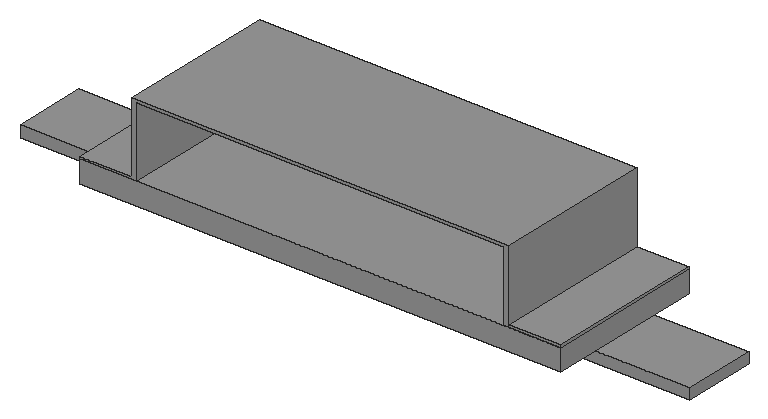
Revit family "Im-Beton-Kanalsystem_IBK_Verbindungselement_48_mm", category Generic Models, Revit 2015
Parameters (values of type "IBVE 25048")
  Width 2 = Width + 7 mm  # 257 mm
  Width = 250 mm
  URL = "http://www.obo-bettermann.com"
  Outer width = Width + 78 mm  # 328 mm
  Material = Steel, Galvanized
  Manufacturer Art. No. = "7399892"
  Manufacturer = "OBO Bettermann"
  Height = 48 mm
  GTIN = "4012196331840"
  Article Type = "IBVE 25048"
Types (3, lengths in mm): name | Width 2 | Width | Outer width | Manufacturer Art. No. | GTIN | Article Type
  (no name) | 257 | 250 | 328 | "7399892" | "4012196331840" | "IBVE 25048"
  IBVE 35048 | 357 | 350 | 428 | "7399898" | "4012196331864\r\n4012196331864" | "IBVE 35048"
  IBVE 25048 | 257 | 250 | 328 | "7399892" | "4012196331840" | "IBVE 25048"
Reference planes
  plane 1 "Center (Front/Back)": y = 0
  plane 2: z = 0
  plane 3 "Center (Left/Right)": x = 0
  plane 4: z = 22.4
  plane 5: z = 7.4
  plane 6: z = 70.4
  plane 7: y = 54.5
  plane 8: y = -54.5
  plane 9: x = 125
  plane 10: x = -125
  plane 11: x = 128.5
  plane 12: x = -128.5
  plane 13: z = 71.8
  plane 14: z = 23.8
  plane 15: x = 164
  plane 16: x = -164
  plane 17: x = 228
  plane 18: x = -228
  plane 19: y = 25
  plane 20: y = -25
Forms (mm)
  Extrusion 1, solid, material "Steel, Galvanized" <- "Material"
    sketch origin (0, 0, 0) x (1, 0, 0) y (0, 0, 1)
      loop
        line (125, 70.4) -> (125, 22.4) -> (164, 22.4) -> (164, 23.8) -> (128.5, 23.8) -> (128.5, 71.8) -> (-128.5, 71.8) -> (-128.5, 23.8) -> (-164, 23.8) -> (-164, 22.4) -> (-125, 22.4) -> (-125, 70.4) -> (125, 70.4)
    from -54.5 to 54.5
  Extrusion 2, solid, material "Steel, Galvanized" <- "Material"
    sketch origin (0, 0, 0) x (1, 0, 0) y (0, 0, 1)
      loop
        line (164, 22.4) -> (-164, 22.4) -> (-164, 7.4) -> (164, 7.4) -> (164, 22.4)
    from -54.5 to 54.5
  Extrusion 3, solid, material "Steel, Galvanized" <- "Material"
    sketch origin (0, 0, 0) x (1, 0, 0) y (0, 0, 1)
      loop
        line (128.5, 7.4) -> (128.5, 0) -> (228, 0) -> (228, 7.4) -> (128.5, 7.4)
      loop
        line (-228, 7.4) -> (-228, 0) -> (-128.5, 0) -> (-128.5, 7.4) -> (-228, 7.4)
    from -25 to 25
Lines and regions (mm)
  model lines
    curve 1: line (125, 0, 22.4) -> (125, 0, 70.4)
    curve 2: line (125, 0, 70.4) -> (-125, 0, 70.4)
    curve 3: line (-125, 0, 70.4) -> (-125, 0, 22.4)
    curve 4: line (128.5, 0, 71.8) -> (128.5, 0, 23.8)
    curve 5: line (128.5, 0, 71.8) -> (-128.5, 0, 71.8)
    curve 6: line (-128.5, 0, 71.8) -> (-128.5, 0, 23.8)
    curve 7: line (128.5, 0, 23.8) -> (164, 0, 23.8)
    curve 8: line (164, 0, 23.8) -> (164, 0, 22.4)
    curve 9: line (164, 0, 22.4) -> (125, 0, 22.4)
    curve 10: line (-128.5, 0, 23.8) -> (-164, 0, 23.8)
    curve 11: line (-164, 0, 23.8) -> (-164, 0, 22.4)
    curve 12: line (-164, 0, 22.4) -> (-125, 0, 22.4)
    curve 13: line (164, 0, 22.4) -> (-164, 0, 22.4)
    curve 14: line (-164, 0, 22.4) -> (-164, 0, 7.4)
    curve 15: line (-164, 0, 7.4) -> (164, 0, 7.4)
    curve 16: line (164, 0, 7.4) -> (164, 0, 22.4)
    curve 17: line (128.5, 0, 7.4) -> (228, 0, 7.4)
    curve 18: line (228, 0, 7.4) -> (228, 0, 0)
    curve 19: line (228, 0, 0) -> (128.5, 0, 0)
    curve 20: line (128.5, 0, 0) -> (128.5, 0, 7.4)
    curve 21: line (-128.5, 0, 7.4) -> (-128.5, 0, 0)
    curve 22: line (-128.5, 0, 0) -> (-228, 0, 0)
    curve 23: line (-228, 0, 0) -> (-228, 0, 7.4)
    curve 24: line (-228, 0, 7.4) -> (-128.5, 0, 7.4)
Dimensions and locks
  locked: level to plane 5 at 7.4
  locked: plane 7 to plane 8 at 109
  equal spacing: plane 7, plane 1 "Center (Front/Back)", plane 8
  equal spacing: plane 10, plane 3 "Center (Left/Right)", plane 9
  "Width": plane 10 to plane 9
  equal spacing: plane 12, plane 3 "Center (Left/Right)", plane 11
  "Width 2": plane 12 to plane 11
  "Height": plane 4 to plane 6
  locked: plane 6 to plane 13 at 1.4
  locked: plane 4 to plane 14 at 1.4
  locked: plane 5 to plane 4 at 15
  equal spacing: plane 15, plane 3 "Center (Left/Right)", plane 16
  "Outer width": plane 16 to plane 15
  locked: plane 15 to plane 17 at 64
  locked: plane 18 to plane 16 at 64
  equal spacing: plane 19, plane 1 "Center (Front/Back)", plane 20
  locked: plane 19 to plane 20 at 50
  aligned and locked: level to plane 2
  aligned and locked: curve 1 to plane 9
  aligned and locked: plane 6 to curve 2
  aligned and locked: plane 10 to curve 3
  aligned and locked: plane 11 to curve 4
  aligned and locked: plane 13 to curve 5
  aligned and locked: plane 12 to curve 6
  aligned and locked: curve 7 to plane 14
  aligned and locked: curve 8 to plane 15
  aligned and locked: plane 4 to curve 9
  aligned and locked: plane 14 to curve 10
  aligned and locked: plane 16 to curve 11
  aligned and locked: curve 12 to plane 4
  aligned and locked: Extrusion 1 sketch curve to curve 2
  aligned and locked: Extrusion 1 sketch curve to curve 1
  aligned and locked: Extrusion 1 sketch curve to curve 9
  aligned and locked: Extrusion 1 sketch curve to curve 8
  aligned and locked: Extrusion 1 sketch curve to curve 7
  aligned and locked: Extrusion 1 sketch curve to curve 4
  aligned and locked: Extrusion 1 sketch curve to curve 5
  aligned and locked: Extrusion 1 sketch curve to curve 6
  aligned and locked: Extrusion 1 sketch curve to curve 3
  aligned and locked: Extrusion 1 sketch curve to curve 12
  aligned and locked: Extrusion 1 sketch curve to curve 11
  aligned and locked: Extrusion 1 sketch curve to curve 10
  aligned and locked: plane 7 to Extrusion 1
  aligned and locked: Extrusion 1 to plane 8
  aligned and locked: curve 11 to curve 14
  aligned and locked: curve 15 to plane 5
  aligned and locked: plane 15 to curve 16
  aligned and locked: Extrusion 2 sketch curve to curve 13
  aligned and locked: Extrusion 2 sketch curve to curve 16
  aligned and locked: Extrusion 2 sketch curve to curve 15
  aligned and locked: Extrusion 2 sketch curve to curve 14
  aligned and locked: plane 7 to Extrusion 2
  aligned and locked: Extrusion 2 to plane 8
  aligned and locked: curve 17 to plane 5
  aligned and locked: plane 17 to curve 18
  aligned and locked: plane 2 to curve 19
  aligned and locked: curve 20 to plane 11
  aligned and locked: plane 12 to curve 21
  aligned and locked: plane 2 to curve 22
  aligned and locked: curve 23 to plane 18
  aligned and locked: curve 24 to plane 5
  aligned and locked: Extrusion 3 sketch curve to curve 17
  aligned and locked: Extrusion 3 sketch curve to curve 18
  aligned and locked: Extrusion 3 sketch curve to curve 19
  aligned and locked: Extrusion 3 sketch curve to curve 20
  aligned and locked: Extrusion 3 sketch curve to curve 24
  aligned and locked: Extrusion 3 sketch curve to curve 21
  aligned and locked: Extrusion 3 sketch curve to curve 22
  aligned and locked: Extrusion 3 sketch curve to curve 23
  aligned and locked: plane 19 to Extrusion 3
  aligned and locked: Extrusion 3 to plane 20
